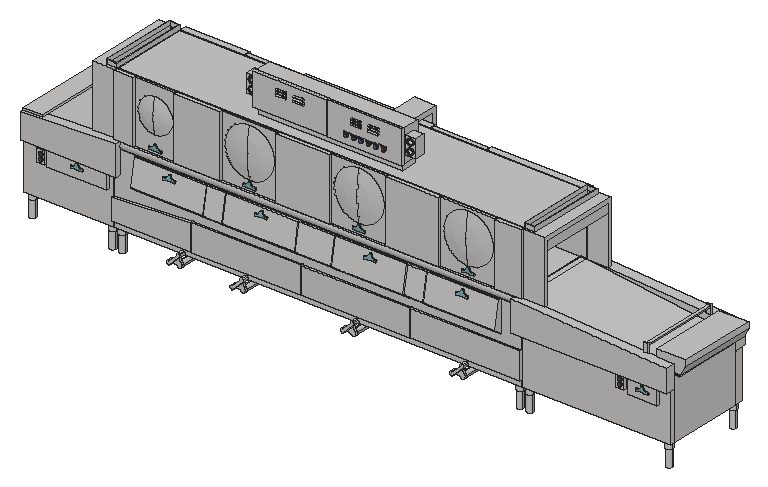
Revit family (continued)
Lines and regions (in)
  symbolic lines, visible <- "Standard Doors"
    curve 55: line (43.97138, -38.25, 65.5) -> (43.97138, -39, 65.5)
    curve 114: line (65.47138, -39, 65.5) -> (65.47138, -38.25, 65.5)
    curve 115: line (65.47138, -38.25, 65.5) -> (87.97138, -38.25, 65.5)
    curve 116: line (87.97138, -38.25, 65.5) -> (87.97138, -39, 65.5)
    curve 133: line (109.47138, -39, 65.5) -> (109.47138, -38.25, 65.5)
    curve 134: line (109.47138, -38.25, 65.5) -> (131.97138, -38.25, 65.5)
    curve 135: line (131.97138, -38.25, 65.5) -> (131.97138, -39, 65.5)
  symbolic lines, visible <- "Swing Doors"
    curve 69: line (1.65888, -39, 65.5) -> (1.65888, -40.125, 65.5)
    curve 70: line (0.90888, -39, 65.5) -> (0.90888, -40.125, 65.5)
    curve 71: arc (0.90888, -40.125, 65.5) -> (1.28388, -40.5, 65.5) -> (1.65888, -40.125, 65.5) r 0.375
    curve 72: line (31.65888, -39, 65.5) -> (31.65888, -40.125, 65.5)
    curve 73: line (30.90888, -39, 65.5) -> (30.90888, -40.125, 65.5)
    curve 74: arc (30.90888, -40.125, 65.5) -> (31.28388, -40.5, 65.5) -> (31.65888, -40.125, 65.5) r 0.375
    curve 75: line (33.78388, -39, 65.5) -> (33.78388, -40.125, 65.5)
    curve 76: line (34.53388, -39, 65.5) -> (34.53388, -40.125, 65.5)
    curve 77: arc (34.53388, -40.125, 65.5) -> (34.15888, -40.5, 65.5) -> (33.78388, -40.125, 65.5) r 0.375
    curve 81: line (32.65888, -38.25, 65.5) -> (32.65888, -39, 65.5)
    curve 82: line (32.78388, -38.25, 65.5) -> (32.78388, -39, 65.5)
    curve 83: line (32.65888, -38.25, 65.5) -> (21.47138, -38.25, 65.5)
    curve 84: line (21.47138, -39, 65.5) -> (21.47138, -38.25, 65.5)
    curve 85: line (32.78388, -38.25, 65.5) -> (43.97138, -38.25, 65.5)
    curve 86: line (43.97138, -38.25, 65.5) -> (43.97138, -39, 65.5)
    curve 117: line (74.90888, -39, 65.5) -> (74.90888, -40.125, 65.5)
    curve 118: line (75.65888, -39, 65.5) -> (75.65888, -40.125, 65.5)
    curve 119: arc (75.65888, -40.125, 65.5) -> (75.28388, -40.5, 65.5) -> (74.90888, -40.125, 65.5) r 0.375
    curve 120: line (77.78388, -39, 65.5) -> (77.78388, -40.125, 65.5)
    curve 121: line (78.53388, -39, 65.5) -> (78.53388, -40.125, 65.5)
    curve 122: arc (78.53388, -40.125, 65.5) -> (78.15888, -40.5, 65.5) -> (77.78388, -40.125, 65.5) r 0.375
    curve 123: line (65.47138, -39, 65.5) -> (65.47138, -38.25, 65.5)
    curve 124: line (65.47138, -38.25, 65.5) -> (76.65888, -38.25, 65.5)
    curve 125: line (76.65888, -38.25, 65.5) -> (76.65888, -39, 65.5)
    curve 126: line (76.78388, -39, 65.5) -> (76.78388, -38.25, 65.5)
    curve 127: line (76.78388, -38.25, 65.5) -> (87.97138, -38.25, 65.5)
    curve 128: line (87.97138, -38.25, 65.5) -> (87.97138, -39, 65.5)
    curve 136: line (118.90888, -39, 65.5) -> (118.90888, -40.125, 65.5)
    curve 137: line (119.65888, -39, 65.5) -> (119.65888, -40.125, 65.5)
    curve 138: arc (119.65888, -40.125, 65.5) -> (119.28388, -40.5, 65.5) -> (118.90888, -40.125, 65.5) r 0.375
    curve 139: line (121.78388, -39, 65.5) -> (121.78388, -40.125, 65.5)
    curve 140: line (122.53388, -39, 65.5) -> (122.53388, -40.125, 65.5)
    curve 141: arc (122.53388, -40.125, 65.5) -> (122.15888, -40.5, 65.5) -> (121.78388, -40.125, 65.5) r 0.375
    curve 142: line (109.47138, -39, 65.5) -> (109.47138, -38.25, 65.5)
    curve 143: line (109.47138, -38.25, 65.5) -> (120.65888, -38.25, 65.5)
    curve 144: line (120.65888, -38.25, 65.5) -> (120.65888, -39, 65.5)
    curve 145: line (120.78388, -39, 65.5) -> (120.78388, -38.25, 65.5)
    curve 146: line (120.78388, -38.25, 65.5) -> (131.97138, -38.25, 65.5)
    curve 147: line (131.97138, -38.25, 65.5) -> (131.97138, -39, 65.5)
  symbolic lines, style "QF_Clearances", visible <- "Swing Doors", detail levels coarse
    curve 78: line (-13.52862, -55.25, 65.5) -> (-13.52862, -39, 65.5)
    curve 79: arc (-13.52862, -55.25, 65.5) -> (-2.03814, -50.49049, 65.5) -> (2.72138, -39, 65.5) r 16.25
    curve 80: line (21.47138, -39, 65.5) -> (21.47138, -50.1875, 65.5)
    curve 87: arc (21.47138, -50.1875, 65.5) -> (29.38213, -46.91076, 65.5) -> (32.65888, -39, 65.5) r 11.1875
    curve 88: line (43.97138, -39, 65.5) -> (43.97138, -50.1875, 65.5)
    curve 89: arc (43.97138, -50.1875, 65.5) -> (36.06062, -46.91076, 65.5) -> (32.78388, -39, 65.5) r 11.1875
    curve 129: line (65.47138, -50.1875, 65.5) -> (65.47138, -39, 65.5)
    curve 130: arc (65.47138, -50.1875, 65.5) -> (73.38213, -46.91076, 65.5) -> (76.65888, -39, 65.5) r 11.1875
    curve 131: line (87.97138, -50.1875, 65.5) -> (87.97138, -39, 65.5)
    curve 132: arc (87.97138, -50.1875, 65.5) -> (80.06062, -46.91076, 65.5) -> (76.78388, -39, 65.5) r 11.1875
    curve 148: line (109.47138, -50.1875, 65.5) -> (109.47138, -39, 65.5)
    curve 149: arc (109.47138, -50.1875, 65.5) -> (117.38213, -46.91076, 65.5) -> (120.65888, -39, 65.5) r 11.1875
    curve 150: line (131.97138, -50.1875, 65.5) -> (131.97138, -39, 65.5)
    curve 151: arc (131.97138, -50.1875, 65.5) -> (124.06062, -46.91076, 65.5) -> (120.78388, -39, 65.5) r 11.1875
  symbolic lines, visible <- "Unload Removable Cover"
    curve 100: line (202.72138, -6, 65.5) -> (207.72138, -6, 65.5)
    curve 101: line (207.72138, -6, 65.5) -> (207.72138, -37.25, 65.5)
    curve 102: line (207.72138, -37.25, 65.5) -> (202.72138, -37.25, 65.5)
    curve 103: line (195.72138, -37.25, 65.5) -> (195.72138, -6, 65.5)
  symbolic lines, style "QF_Surface Details"
    curve 110: line (42.70902, -13.95855, 52.4375) -> (71.70902, -13.95855, 52.4375)
    curve 111: line (71.70902, -13.95855, 52.4375) -> (64.81537, -12.74302, 52.4375)
    curve 112: line (71.70902, -13.95855, 52.4375) -> (64.81537, -15.17409, 52.4375)
  symbolic lines, style "SpecialityEquipment"
    curve 161: line (68.72138, -26, 65.5) -> (68.72138, 0, 65.5)
    curve 162: line (68.72138, 0, 65.5) -> (77.22138, 0, 65.5)
    curve 163: line (77.22138, 0, 65.5) -> (77.22138, -26, 65.5)
Dimensions and locks (in)
  "Depth": plane 5 "FRONT" to plane 1 "BACK"
  "Power Scrapper Width": plane 3 "LEFT" to plane 6 "Right of Power Scrapper"
  "Power Wash Width": plane 6 "Right of Power Scrapper" to plane 7 "Right of Power Wash"
  locked: plane 8 "Load Vent" to plane 3 "LEFT" at 9
  locked: plane 4 "RIGHT" to plane 9 "Unload Vent" at 9
  locked: plane 10 "Top of Machine" to level at 65.5
  locked: plane 11 "Table Height" to level at 34
  locked: plane 13 "Middle of Machine" to level at 40.625
  locked: plane 3 "LEFT" to plane 14 "Left of Bottom" at 2.5
  locked: plane 15 "Right of Bottom" to plane 4 "RIGHT" at 2.5
  locked: plane 12 "Bottom of Machine" to level at 9
  locked: plane 16 to plane 17 at 0.375
  locked: plane 17 to plane 18 at 13.25
  locked: plane 13 "Middle of Machine" to plane 16 at 2.5
  locked: plane 18 to plane 19 at 2.25
  locked: plane 19 to plane 20 at 10.75
  locked: plane 21 "Back of Main Body" to plane 1 "BACK" at 3
  locked: plane 5 "FRONT" to plane 22 "Front of Main Body" at 3
  equal spacing: plane 3 "LEFT", plane 23, plane 6 "Right of Power Scrapper"
  equal spacing: plane 6 "Right of Power Scrapper", plane 24, plane 7 "Right of Power Wash"
  "Power Scrapper Door": plane 26 to plane 27
  equal spacing: plane 28, plane 24, plane 29
  "Power Wash Door": plane 28 to plane 29
  locked: plane 22 "Front of Main Body" to plane 30 "Front of Inside" at 1.75
  locked: plane 31 "Back of Inside" to plane 21 "Back of Main Body" at 3
  locked: plane 3 "LEFT" to plane 26 at 7.75
  locked: plane 32 to plane 33 at 22.5
  locked: plane 14 "Left of Bottom" to plane 34 at 6.5
  locked: plane 34 to plane 35 at 29
  locked: plane 35 to plane 36 at 8
  locked: plane 36 to plane 37 at 29
  locked: plane 35 to plane 38 at 0.25
  locked: plane 39 to plane 36 at 0.25
  locked: plane 37 to plane 40 at 0.25
  plane 43 to plane 7 "Right of Power Wash" to plane 44 = 0' - 0 1/8" locked, 0' - 0 1/8" locked
  plane 41 to plane 6 "Right of Power Scrapper" to plane 42 = 0' - 0 1/8" locked, 0' - 0 1/8" locked
  locked: plane 10 "Top of Machine" to plane 45 at 5.25
  locked: plane 46 to plane 10 "Top of Machine" at 1.75
  locked: plane 48 to plane 47 at 4
  locked: plane 47 to plane 3 "LEFT" at 0.125
  locked: plane 50 to plane 49 at 4
  locked: plane 4 "RIGHT" to plane 50 at 0.125
  "Load Section Width": plane 51 to plane 3 "LEFT"
  locked: plane 33 to Extrusion 34 sketch curve at 11.24965
  locked: plane 52 to plane 51 at 2.5
  locked: plane 53 to plane 51 at 1
  plane 51 to plane 54 = 0' - 8"
  locked: plane 13 "Middle of Machine" to plane 55 at 12.125
  locked: plane 55 to plane 56 at 0.5
  locked: plane 56 to plane 57 at 6
  locked: plane 58 to plane 59 at 24
  "ONOFF Switch": plane 51 to plane 61
  locked: plane 61 to plane 60 at 3
  locked: Extrusion 54 sketch curve to plane 61 at 1.5
  locked: Extrusion 55 sketch curve to plane 61 at 1.5
  locked: Extrusion 52 sketch curve to plane 58 at 9.50172
  locked: plane 59 to Extrusion 52 sketch curve at 9.50242
  locked: plane 59 to plane 3 "LEFT" at 2.125
  "Unload Section Width": plane 4 "RIGHT" to plane 62
  locked: plane 62 to plane 63 at 1
  locked: plane 62 to plane 64 at 2.5
  locked: plane 62 to plane 65 at 5
  locked: plane 66 to plane 65 at 12
  locked: plane 67 to plane 62 at 11
  Extrusion 64 sketch curve to plane 67 to Extrusion 64 sketch curve = 0' - 0 3/4" locked, 0' - 0 3/4" locked
  Extrusion 65 sketch curve to plane 67 to Extrusion 65 sketch curve = 0' - 0 3/4" locked, 0' - 0 3/4" locked
  locked: plane 69 to plane 68 at 12
  locked: plane 68 to plane 62 at 4.5
  locked: Extrusion 68 sketch curve to plane 69 at 3.50172
  locked: plane 68 to Extrusion 68 sketch curve at 3.50242
  locked: plane 70 to plane 69 at 1.5
  locked: plane 71 to plane 70 at 3
  locked: plane 56 to Extrusion 69 sketch curve at 5
  locked: Extrusion 70 sketch curve to plane 71 at 1.5
  locked: Extrusion 71 sketch curve to plane 71 at 1.5
  plane 22 "Front of Main Body" to plane 21 "Back of Main Body" = 3' - 0"
  locked: Extrusion 72 sketch curve to plane 21 "Back of Main Body" at 1.9375
  locked: plane 51 to Extrusion 72 sketch curve at 1.9375
  locked: plane 51 to Extrusion 73 sketch curve at 1.9375
  locked: Extrusion 73 sketch curve to plane 21 "Back of Main Body" at 1.9375
  locked: plane 51 to Extrusion 74 sketch curve at 1.9375
  locked: plane 22 "Front of Main Body" to Extrusion 74 sketch curve at 1.9375
  locked: plane 51 to Extrusion 75 sketch curve at 1.9375
  locked: plane 22 "Front of Main Body" to Extrusion 75 sketch curve at 1.9375
  locked: Extrusion 76 sketch curve to plane 3 "LEFT" at 1.9375
  locked: Extrusion 76 sketch curve to plane 21 "Back of Main Body" at 1.9375
  locked: Extrusion 77 sketch curve to plane 3 "LEFT" at 1.9375
  locked: Extrusion 77 sketch curve to plane 21 "Back of Main Body" at 1.9375
  locked: Extrusion 78 sketch curve to plane 3 "LEFT" at 1.9375
  locked: plane 22 "Front of Main Body" to Extrusion 78 sketch curve at 1.9375
  locked: Extrusion 79 sketch curve to plane 3 "LEFT" at 1.9375
  locked: plane 22 "Front of Main Body" to Extrusion 79 sketch curve at 1.9375
  locked: plane 3 "LEFT" to Extrusion 82 sketch curve at 1.9375
  locked: plane 22 "Front of Main Body" to Extrusion 82 sketch curve at 1.9375
  locked: plane 22 "Front of Main Body" to Extrusion 83 sketch curve at 1.9375
  locked: plane 3 "LEFT" to Extrusion 83 sketch curve at 1.9375
  locked: plane 3 "LEFT" to Extrusion 81 sketch curve at 1.9375
  locked: Extrusion 81 sketch curve to plane 21 "Back of Main Body" at 1.9375
  locked: plane 3 "LEFT" to Extrusion 80 sketch curve at 1.9375
  locked: Extrusion 80 sketch curve to plane 21 "Back of Main Body" at 1.9375
  locked: Extrusion 84 sketch curve to plane 4 "RIGHT" at 1.9375
  locked: Extrusion 84 sketch curve to plane 21 "Back of Main Body" at 1.9375
  locked: Extrusion 85 sketch curve to plane 4 "RIGHT" at 1.9375
  locked: Extrusion 85 sketch curve to plane 21 "Back of Main Body" at 1.9375
  locked: plane 4 "RIGHT" to Extrusion 89 sketch curve at 1.9375
  locked: Extrusion 89 sketch curve to plane 21 "Back of Main Body" at 1.9375
  locked: plane 4 "RIGHT" to Extrusion 88 sketch curve at 1.9375
  locked: Extrusion 88 sketch curve to plane 21 "Back of Main Body" at 1.9375
  locked: Extrusion 86 sketch curve to plane 4 "RIGHT" at 1.9375
  locked: plane 22 "Front of Main Body" to Extrusion 86 sketch curve at 1.9375
  locked: plane 22 "Front of Main Body" to Extrusion 87 sketch curve at 1.9375
  locked: Extrusion 87 sketch curve to plane 4 "RIGHT" at 1.9375
  locked: plane 4 "RIGHT" to Extrusion 90 sketch curve at 1.9375
  locked: plane 22 "Front of Main Body" to Extrusion 90 sketch curve at 1.9375
  locked: plane 4 "RIGHT" to Extrusion 91 sketch curve at 1.9375
  locked: plane 22 "Front of Main Body" to Extrusion 91 sketch curve at 1.9375
  locked: Extrusion 92 sketch curve to plane 62 at 1.9375
  locked: Extrusion 92 sketch curve to plane 21 "Back of Main Body" at 1.9375
  locked: Extrusion 93 sketch curve to plane 62 at 1.9375
  locked: Extrusion 93 sketch curve to plane 21 "Back of Main Body" at 1.9375
  locked: plane 22 "Front of Main Body" to Extrusion 95 sketch curve at 1.9375
  locked: Extrusion 95 sketch curve to plane 62 at 1.9375
  locked: Extrusion 94 sketch curve to plane 62 at 1.9375
  locked: plane 22 "Front of Main Body" to Extrusion 94 sketch curve at 1.9375
  locked: plane 22 "Front of Main Body" to plane 72 at 6.5
  locked: plane 72 to plane 73 at 6
  plane 3 "LEFT" to plane 74 = 4' - 5"
  locked: plane 74 to plane 75 at 58
  locked: plane 76 to plane 10 "Top of Machine" at 3
  locked: plane 77 to plane 76 at 2.875
  locked: plane 78 to plane 77 at 7.25
  locked: plane 79 to plane 76 at 13
  equal spacing: plane 74, plane 80, plane 75
  plane 81 to plane 80 to plane 82 = 0' - 0 1/8" locked, 0' - 0 1/8" locked
  locked: plane 83 to plane 74 at 1
  locked: plane 75 to plane 84 at 1
  locked: plane 84 to plane 85 at 4
  locked: plane 86 to plane 83 at 4
  locked: plane 73 to plane 87 "Back of Elec Box" at 0.5
  locked: plane 88 to plane 72 at 0.5
  locked: plane 76 to plane 90 at 0.25
  locked: plane 79 to plane 91 at 0.25
  locked: plane 83 to plane 92 at 0.25
  locked: plane 93 "Right of Control Box" to plane 84 at 0.25
  locked: plane 88 to plane 94 "Front of LR Panels" at 0.75
  locked: plane 94 "Front of LR Panels" to plane 95 at 4
  locked: plane 96 "Drain" to level at 7
  locked: plane 51 to plane 97 "Left Drain" at 17.5
  locked: plane 98 "Right Drain" to plane 62 at 7
  locked: plane 99 "Drain CL" to plane 21 "Back of Main Body" at 17.25
  locked: plane 100 "Utilities" to level at 6
  locked: plane 101 "Cold Water" to plane 3 "LEFT" at 10
  locked: plane 102 "Utility to Machine" to plane 21 "Back of Main Body" at 13.75
  locked: plane 102 "Utility to Machine" to plane 103 "Utilities Point of Connection" at 8.25
  locked: plane 4 "RIGHT" to plane 104 "Building Hot Water" at 36
  locked: Extrusion 135 sketch curve to plane 83 at 2
  locked: Extrusion 135 sketch curve to plane 10 "Top of Machine" at 13
  locked: Extrusion 138 to Extrusion 144 sketch curve at 1
  locked: Extrusion 175 to Extrusion 181 sketch curve at 1
  locked: plane 26 to plane 105 at 0.25
  locked: plane 106 to plane 27 at 0.125
  locked: plane 107 to plane 27 at 1.4375
  locked: plane 28 to plane 108 at 0.25
  locked: plane 109 to plane 24 at 0.0625
  locked: plane 24 to plane 110 at 0.0625
  locked: plane 113 to plane 24 at 1.4375
  locked: plane 24 to plane 112 at 1.4375
  locked: plane 111 to plane 29 at 0.25
  locked: plane 114 "Standard Door Clearance" to plane 10 "Top of Machine" at 28
  "Final Rinse Width": plane 7 "Right of Power Wash" to plane 25
  "Final Rinse 2 Width": plane 25 to plane 4 "RIGHT"
  equal spacing: plane 7 "Right of Power Wash", plane 116, plane 25
  equal spacing: plane 25, plane 117, plane 4 "RIGHT"
  "Power Rinse Door": plane 118 to plane 119
  locked: plane 118 to plane 120 at 0.25
  locked: plane 123 to plane 119 at 0.25
  equal spacing: plane 118, plane 116, plane 119
  locked: plane 121 to plane 116 at 0.0625
  locked: plane 116 to plane 122 at 0.0625
  locked: plane 116 to plane 124 at 1.4375
  locked: plane 125 to plane 116 at 1.4375
  locked: plane 126 to plane 25 at 0.125
  locked: plane 25 to plane 127 at 0.125
  "Power Rinse Door": plane 128 to plane 129
  locked: plane 128 to plane 130 at 0.25
  locked: plane 133 to plane 129 at 0.25
  equal spacing: plane 128, plane 117, plane 129
  locked: plane 131 to plane 117 at 0.0625
  locked: plane 117 to plane 132 at 0.0625
  locked: plane 117 to plane 134 at 1.4375
  locked: plane 135 to plane 117 at 1.4375
  locked: plane 37 to plane 136 at 14.875
  locked: plane 137 to plane 136 at 0.25
  locked: plane 136 to plane 138 at 29
  locked: plane 138 to plane 139 at 0.25
  locked: plane 138 to plane 140 at 8
  locked: plane 141 to plane 140 at 0.25
  locked: plane 140 to plane 142 at 29
  locked: plane 145 to plane 146 at 22.5
  locked: plane 146 to Extrusion 235 sketch curve at 11.24965
  locked: plane 147 to plane 104 "Building Hot Water" at 6
  locked: plane 115 to plane 147 at 6
  aligned and locked: level to plane 2
  aligned and locked: plane 12 "Bottom of Machine" to Extrusion 1 sketch curve
  aligned and locked: plane 3 "LEFT" to Extrusion 1 sketch curve
  aligned and locked: plane 14 "Left of Bottom" to Extrusion 1 sketch curve
  aligned and locked: Extrusion 1 sketch curve to plane 15 "Right of Bottom"
  aligned and locked: Extrusion 1 sketch curve to plane 4 "RIGHT"
  aligned and locked: Extrusion 1 to plane 21 "Back of Main Body"
  aligned and locked: Extrusion 1 sketch curve to plane 16
  aligned and locked: Extrusion 2 sketch curve to plane 13 "Middle of Machine"
  aligned and locked: plane 16 to Extrusion 2 sketch curve
  aligned and locked: plane 21 "Back of Main Body" to Extrusion 2 sketch curve
  aligned and locked: Extrusion 2 to plane 14 "Left of Bottom"
  aligned and locked: plane 3 "LEFT" to Extrusion 3 sketch curve
  aligned and locked: Extrusion 3 sketch curve to plane 22 "Front of Main Body"
  aligned and locked: Extrusion 3 sketch curve to plane 26
  aligned and locked: plane 30 "Front of Inside" to Extrusion 3 sketch curve
  aligned and locked: Extrusion 3 to plane 13 "Middle of Machine"
  aligned and locked: plane 30 "Front of Inside" to Extrusion 4 sketch curve
  aligned and locked: Extrusion 4 sketch curve to plane 28
  aligned and locked: plane 27 to Extrusion 4 sketch curve
  aligned and locked: Extrusion 4 sketch curve to plane 22 "Front of Main Body"
  aligned and locked: Extrusion 4 to plane 13 "Middle of Machine"
  aligned and locked: plane 30 "Front of Inside" to Extrusion 5 sketch curve
  aligned and locked: Extrusion 5 sketch curve to plane 22 "Front of Main Body"
  aligned and locked: plane 29 to Extrusion 5 sketch curve
  aligned and locked: Extrusion 6 sketch curve to plane 4 "RIGHT"
  aligned and locked: plane 30 "Front of Inside" to Extrusion 6 sketch curve
  aligned and locked: Extrusion 6 sketch curve to plane 22 "Front of Main Body"
  aligned and locked: Extrusion 5 to plane 13 "Middle of Machine"
  aligned and locked: Extrusion 6 to plane 13 "Middle of Machine"
  aligned and locked: plane 3 "LEFT" to Extrusion 7 sketch curve
  aligned and locked: Extrusion 7 sketch curve to plane 32
  aligned and locked: plane 21 "Back of Main Body" to Extrusion 7 sketch curve
  aligned and locked: Extrusion 7 sketch curve to plane 31 "Back of Inside"
  aligned and locked: Extrusion 8 sketch curve to plane 4 "RIGHT"
  aligned and locked: plane 21 "Back of Main Body" to Extrusion 8 sketch curve
  aligned and locked: Extrusion 8 sketch curve to plane 31 "Back of Inside"
  aligned and locked: Extrusion 7 to plane 13 "Middle of Machine"
  aligned and locked: Extrusion 8 to plane 13 "Middle of Machine"
  aligned and locked: plane 30 "Front of Inside" to Extrusion 9 sketch curve
  aligned and locked: Extrusion 9 sketch curve to plane 27
  aligned and locked: plane 26 to Extrusion 9 sketch curve
  aligned and locked: plane 30 "Front of Inside" to Extrusion 10 sketch curve
  aligned and locked: plane 28 to Extrusion 10 sketch curve
  aligned and locked: Extrusion 10 sketch curve to plane 29
  aligned and locked: Extrusion 9 to plane 13 "Middle of Machine"
  aligned and locked: Extrusion 10 to plane 13 "Middle of Machine"
  aligned and locked: plane 32 to Extrusion 11 sketch curve
  aligned and locked: Extrusion 11 sketch curve to plane 33
  aligned and locked: Extrusion 11 sketch curve to plane 31 "Back of Inside"
  aligned and locked: Extrusion 11 to plane 13 "Middle of Machine"
  aligned and locked: plane 35 to Extrusion 16
  aligned and locked: Extrusion 16 to plane 34
  aligned and locked: Extrusion 17 to plane 38
  aligned and locked: plane 39 to Extrusion 17
  aligned and locked: Extrusion 18 to plane 36
  aligned and locked: plane 37 to Extrusion 18
  aligned and locked: Extrusion 19 to plane 40
  aligned and locked: plane 3 "LEFT" to Extrusion 21 sketch curve
  aligned and locked: plane 20 to Extrusion 21 sketch curve
  aligned and locked: Extrusion 21 sketch curve to plane 41
  aligned and locked: Extrusion 22 sketch curve to plane 43
  aligned and locked: Extrusion 22 sketch curve to plane 19
  aligned and locked: plane 42 to Extrusion 22 sketch curve
  aligned and locked: plane 20 to Extrusion 22 sketch curve
  aligned and locked: Extrusion 23 sketch curve to plane 19
  aligned and locked: plane 20 to Extrusion 23 sketch curve
  aligned and locked: plane 44 to Extrusion 23 sketch curve
  aligned and locked: plane 31 "Back of Inside" to Extrusion 24 sketch curve
  aligned and locked: plane 3 "LEFT" to Extrusion 24 sketch curve
  aligned and locked: Extrusion 24 sketch curve to plane 30 "Front of Inside"
  aligned and locked: Extrusion 24 sketch curve to plane 4 "RIGHT"
  aligned and locked: Extrusion 24 to plane 45
  aligned and locked: plane 13 "Middle of Machine" to Extrusion 25 sketch curve  (x2)
  aligned and locked: Extrusion 25 sketch curve to plane 10 "Top of Machine"
  aligned and locked: Extrusion 25 to plane 8 "Load Vent"
  aligned and locked: plane 48 to Extrusion 26 sketch curve
  aligned and locked: Extrusion 26 sketch curve to plane 47
  aligned and locked: plane 46 to Extrusion 26
  aligned and locked: Extrusion 27 sketch curve to Extrusion 25
  aligned and locked: Extrusion 27 sketch curve to plane 45
  aligned and locked: Extrusion 28 sketch curve to Extrusion 26
  aligned and locked: Extrusion 26 to Extrusion 28 sketch curve
  aligned and locked: Extrusion 29 to Extrusion 31 sketch curve
  aligned and locked: plane 9 "Unload Vent" to Extrusion 29
  aligned and locked: plane 49 to Extrusion 30 sketch curve
  aligned and locked: Extrusion 30 sketch curve to plane 50
  aligned and locked: plane 46 to Extrusion 30
  aligned and locked: plane 45 to Extrusion 31 sketch curve
  aligned and locked: Extrusion 30 to Extrusion 32 sketch curve
  aligned and locked: Extrusion 32 sketch curve to Extrusion 30
  aligned and locked: plane 15 "Right of Bottom" to Extrusion 2
  aligned and locked: plane 51 to Extrusion 42 sketch curve
  aligned and locked: Extrusion 42 sketch curve to plane 14 "Left of Bottom"
  aligned and locked: plane 51 to Extrusion 43 sketch curve
  aligned and locked: Extrusion 43 sketch curve to plane 14 "Left of Bottom"
  aligned and locked: Extrusion 44 sketch curve to plane 52
  aligned and locked: plane 11 "Table Height" to Extrusion 44 sketch curve
  aligned and locked: plane 51 to Extrusion 44 sketch curve
  aligned and locked: plane 30 "Front of Inside" to Extrusion 44
  aligned and locked: Extrusion 45 sketch curve to plane 53
  aligned and locked: plane 51 to Extrusion 45 sketch curve
  aligned and locked: Extrusion 46 sketch curve to plane 53
  aligned and locked: plane 51 to Extrusion 46 sketch curve
  aligned and locked: plane 51 to Extrusion 47 sketch curve
  aligned and locked: Extrusion 47 sketch curve to plane 14 "Left of Bottom"
  aligned and locked: Extrusion 47 sketch curve to plane 13 "Middle of Machine"
  aligned and locked: Extrusion 47 sketch curve to plane 12 "Bottom of Machine"
  aligned and locked: plane 3 "LEFT" to Extrusion 47 sketch curve
  aligned and locked: plane 51 to Extrusion 48 sketch curve
  aligned and locked: plane 54 to Extrusion 48 sketch curve
  aligned and locked: plane 51 to Extrusion 49 sketch curve
  aligned and locked: plane 12 "Bottom of Machine" to Extrusion 49 sketch curve
  aligned and locked: Extrusion 49 sketch curve to plane 3 "LEFT"
  aligned and locked: plane 22 "Front of Main Body" to Extrusion 49
  aligned and locked: plane 30 "Front of Inside" to Extrusion 47
  aligned and locked: plane 51 to Extrusion 50 sketch curve
  aligned and locked: plane 12 "Bottom of Machine" to Extrusion 50 sketch curve
  aligned and locked: Extrusion 50 sketch curve to plane 3 "LEFT"
  aligned and locked: Extrusion 50 to plane 21 "Back of Main Body"
  aligned and locked: plane 55 to Extrusion 42 sketch curve
  aligned and locked: plane 55 to Extrusion 43 sketch curve
  aligned and locked: Extrusion 49 sketch curve to plane 55
  aligned and locked: Extrusion 50 sketch curve to plane 55
  aligned and locked: Extrusion 51 to plane 22 "Front of Main Body"
  aligned and locked: plane 61 to Extrusion 53 sketch curve
  aligned and locked: Extrusion 53 sketch curve to plane 60
  aligned and locked: Extrusion 51 to plane 58
  aligned and locked: plane 59 to Extrusion 51
  aligned and locked: plane 13 "Middle of Machine" to Extrusion 60 sketch curve
  aligned and locked: Extrusion 60 sketch curve to plane 15 "Right of Bottom"
  aligned and locked: Extrusion 60 sketch curve to plane 55
  aligned and locked: plane 4 "RIGHT" to Extrusion 60 sketch curve
  aligned and locked: plane 12 "Bottom of Machine" to Extrusion 60 sketch curve
  aligned and locked: plane 62 to Extrusion 60 sketch curve
  aligned and locked: plane 62 to Extrusion 59 sketch curve
  aligned and locked: Extrusion 59 sketch curve to plane 63
  aligned and locked: Extrusion 58 sketch curve to plane 64
  aligned and locked: plane 62 to Extrusion 58 sketch curve
  aligned and locked: Extrusion 58 sketch curve to plane 11 "Table Height"
  aligned and locked: Extrusion 56 sketch curve to plane 15 "Right of Bottom"
  aligned and locked: Extrusion 56 sketch curve to plane 55
  aligned and locked: plane 62 to Extrusion 56 sketch curve
  aligned and locked: Extrusion 57 sketch curve to plane 15 "Right of Bottom"
  aligned and locked: Extrusion 57 sketch curve to plane 55
  aligned and locked: plane 62 to Extrusion 57 sketch curve
  aligned and locked: Extrusion 61 sketch curve to plane 4 "RIGHT"
  aligned and locked: plane 55 to Extrusion 61 sketch curve
  aligned and locked: Extrusion 61 sketch curve to plane 12 "Bottom of Machine"
  aligned and locked: plane 62 to Extrusion 61 sketch curve
  aligned and locked: Extrusion 62 sketch curve to plane 4 "RIGHT"
  aligned and locked: plane 55 to Extrusion 62 sketch curve
  aligned and locked: plane 62 to Extrusion 62 sketch curve
  aligned and locked: Extrusion 62 sketch curve to plane 12 "Bottom of Machine"
  aligned and locked: plane 13 "Middle of Machine" to Extrusion 63 sketch curve
  aligned and locked: Extrusion 63 sketch curve to plane 66
  aligned and locked: Extrusion 63 sketch curve to plane 65
  aligned and locked: plane 30 "Front of Inside" to Extrusion 63
  aligned and locked: plane 30 "Front of Inside" to Extrusion 66
  aligned and locked: Extrusion 67 sketch curve to plane 56
  aligned and locked: plane 57 to Extrusion 67 sketch curve
  aligned and locked: plane 69 to Extrusion 67 sketch curve
  aligned and locked: Extrusion 67 sketch curve to plane 68
  aligned and locked: plane 71 to Extrusion 69 sketch curve
  aligned and locked: Extrusion 69 sketch curve to plane 70
  aligned and locked: Extrusion 69 sketch curve to plane 56
  aligned and locked: Extrusion 73 to Extrusion 72
  aligned and locked: plane 12 "Bottom of Machine" to Extrusion 73
  aligned and locked: Extrusion 75 to Extrusion 74
  aligned and locked: Extrusion 77 to Extrusion 76
  aligned and locked: Extrusion 79 to Extrusion 78
  aligned and locked: Extrusion 80 to Extrusion 81
  aligned and locked: Extrusion 82 to Extrusion 83
  aligned and locked: Extrusion 85 to Extrusion 84
  aligned and locked: Extrusion 87 to Extrusion 86
  aligned and locked: Extrusion 88 to Extrusion 89
  aligned and locked: Extrusion 90 to Extrusion 91
  aligned and locked: Extrusion 93 to Extrusion 92
  aligned and locked: Extrusion 95 to Extrusion 94
  aligned and locked: plane 73 to Extrusion 96 sketch curve
  aligned and locked: Extrusion 96 sketch curve to plane 72
  aligned and locked: Extrusion 96 sketch curve to plane 75
  aligned and locked: plane 74 to Extrusion 96 sketch curve
  aligned and locked: plane 87 "Back of Elec Box" to Extrusion 97 sketch curve
  aligned and locked: Extrusion 97 sketch curve to plane 88
  aligned and locked: plane 92 to Extrusion 97 sketch curve
  aligned and locked: Extrusion 97 sketch curve to plane 93 "Right of Control Box"
  aligned and locked: Extrusion 97 to plane 76
  aligned and locked: plane 91 to Extrusion 97
  aligned and locked: plane 83 to Extrusion 98 sketch curve
  aligned and locked: Extrusion 98 sketch curve to plane 89 "Front of Panel"
  aligned and locked: Extrusion 98 sketch curve to plane 81
  aligned and locked: plane 82 to Extrusion 99 sketch curve
  aligned and locked: Extrusion 99 sketch curve to plane 89 "Front of Panel"
  aligned and locked: plane 88 to Extrusion 99 sketch curve
  aligned and locked: Extrusion 99 sketch curve to plane 84
  aligned and locked: Extrusion 99 to plane 90
  aligned and locked: Extrusion 98 to plane 90
  aligned and locked: plane 79 to Extrusion 98
  aligned and locked: plane 79 to Extrusion 99
  aligned and locked: plane 95 to Extrusion 100 sketch curve
  aligned and locked: Extrusion 100 sketch curve to plane 92
  aligned and locked: Extrusion 100 sketch curve to plane 94 "Front of LR Panels"
  aligned and locked: plane 86 to Extrusion 100 sketch curve
  aligned and locked: plane 93 "Right of Control Box" to Extrusion 101 sketch curve
  aligned and locked: Extrusion 101 sketch curve to plane 94 "Front of LR Panels"
  aligned and locked: Extrusion 101 sketch curve to plane 85
  aligned and locked: plane 95 to Extrusion 101 sketch curve
  aligned and locked: plane 78 to Extrusion 100
  aligned and locked: plane 78 to Extrusion 101
  aligned and locked: Extrusion 100 to plane 77
  aligned and locked: Extrusion 101 to plane 77
  aligned and locked: Extrusion 103 sketch curve to Extrusion 102  (x2)
  aligned and locked: Extrusion 111 sketch curve to Extrusion 110  (x2)
  aligned and locked: Extrusion 113 sketch curve to Extrusion 112  (x2)
  aligned and locked: Extrusion 115 sketch curve to Extrusion 114  (x2)
  aligned and locked: Extrusion 130 to plane 97 "Left Drain"
  aligned and locked: plane 98 "Right Drain" to Extrusion 130
  aligned and locked: Extrusion 131 sketch curve to Extrusion 130  (x2)
  aligned and locked: Extrusion 132 sketch curve to Extrusion 130  (x2)
  aligned and locked: plane 50 to nested 1
  aligned and locked: plane 31 "Back of Inside" to nested 1
  aligned and locked: Extrusion 146 sketch curve to Extrusion 145  (x2)
  aligned and locked: Extrusion 154 sketch curve to Extrusion 153  (x2)
  aligned and locked: Extrusion 156 sketch curve to Extrusion 155  (x2)
  aligned and locked: Extrusion 158 sketch curve to Extrusion 157  (x2)
  aligned and locked: plane 105 to Extrusion 182 sketch curve
  aligned and locked: Extrusion 182 sketch curve to plane 106
  aligned and locked: Extrusion 182 sketch curve to plane 22 "Front of Main Body"
  aligned and locked: plane 108 to Extrusion 183 sketch curve
  aligned and locked: Extrusion 183 sketch curve to plane 109
  aligned and locked: Extrusion 183 sketch curve to plane 22 "Front of Main Body"
  aligned and locked: plane 110 to Extrusion 184 sketch curve
  aligned and locked: Extrusion 184 sketch curve to plane 111
  aligned and locked: Extrusion 184 sketch curve to plane 22 "Front of Main Body"
  aligned and locked: Extrusion 182 to plane 13 "Middle of Machine"
  aligned and locked: Extrusion 183 to plane 13 "Middle of Machine"
  aligned and locked: Extrusion 184 to plane 13 "Middle of Machine"
  aligned and locked: plane 26 to curve 78
  aligned and locked: curve 80 to plane 28
  aligned and locked: curve 88 to plane 29
  aligned and locked: plane 26 to Extrusion 194 sketch curve
  aligned and locked: Extrusion 194 sketch curve to plane 27
  aligned and locked: Extrusion 194 sketch curve to plane 22 "Front of Main Body"
  aligned and locked: plane 28 to Extrusion 195 sketch curve
  aligned and locked: Extrusion 195 sketch curve to plane 29
  aligned and locked: Extrusion 195 sketch curve to plane 22 "Front of Main Body"
  aligned and locked: plane 118 to Extrusion 197 sketch curve
  aligned and locked: Extrusion 197 sketch curve to plane 119
  aligned and locked: plane 120 to Extrusion 200 sketch curve
  aligned and locked: Extrusion 200 sketch curve to plane 121
  aligned and locked: plane 122 to Extrusion 201 sketch curve
  aligned and locked: Extrusion 201 sketch curve to plane 123
  aligned and locked: plane 118 to curve 129
  aligned and locked: plane 119 to curve 131
  aligned and locked: plane 118 to Extrusion 208 sketch curve
  aligned and locked: Extrusion 208 sketch curve to plane 119
  aligned and locked: Extrusion 5 sketch curve to plane 118
  aligned and locked: Extrusion 23 sketch curve to plane 126
  aligned and locked: plane 127 to Extrusion 209 sketch curve
  aligned and locked: Extrusion 209 sketch curve to plane 4 "RIGHT"
  aligned and locked: plane 128 to Extrusion 210 sketch curve
  aligned and locked: Extrusion 210 sketch curve to plane 129
  aligned and locked: plane 130 to Extrusion 213 sketch curve
  aligned and locked: Extrusion 213 sketch curve to plane 131
  aligned and locked: plane 132 to Extrusion 214 sketch curve
  aligned and locked: Extrusion 214 sketch curve to plane 133
  aligned and locked: plane 128 to curve 148
  aligned and locked: plane 129 to curve 150
  aligned and locked: plane 128 to Extrusion 221 sketch curve
  aligned and locked: Extrusion 221 sketch curve to plane 129
  aligned and locked: plane 129 to Extrusion 6 sketch curve
  aligned and locked: plane 119 to Extrusion 222 sketch curve
  aligned and locked: Extrusion 222 sketch curve to plane 128
  aligned and locked: plane 138 to Extrusion 20
  aligned and locked: Extrusion 20 to plane 136
  aligned and locked: plane 137 to Extrusion 19
  aligned and locked: Extrusion 223 to plane 139
  aligned and locked: plane 141 to Extrusion 223
  aligned and locked: Extrusion 224 to plane 140
  aligned and locked: plane 142 to Extrusion 224
  aligned and locked: plane 136 to curve 37
  aligned and locked: curve 38 to plane 137
  aligned and locked: curve 35 to plane 138
  aligned and locked: curve 155 to plane 142
  aligned and locked: plane 145 to Extrusion 233 sketch curve
  aligned and locked: Extrusion 233 sketch curve to plane 146
Automatic sketch dimensions
  Extrusion 16 sketch curve to Extrusion 16 sketch curve = 0' - 1"
  Extrusion 17 sketch curve to Extrusion 17 sketch curve = 0' - 1"
  Extrusion 18 sketch curve to Extrusion 18 sketch curve = 0' - 1"
  Extrusion 19 sketch curve to Extrusion 19 sketch curve = 0' - 1"
  Extrusion 20 sketch curve to Extrusion 20 sketch curve = 0' - 1"
  Extrusion 16 sketch curve to Extrusion 16 sketch curve = 0' - 2"
  Extrusion 16 sketch curve to Extrusion 16 sketch curve = 0' - 2 5/16"
  Extrusion 16 sketch curve to Extrusion 16 sketch curve = 0' - 10 1/4"
  Extrusion 17 sketch curve to Extrusion 17 sketch curve = 0' - 2"
  Extrusion 17 sketch curve to Extrusion 17 sketch curve = 0' - 2 5/16"
  Extrusion 17 sketch curve to Extrusion 17 sketch curve = 0' - 10 1/4"
  Extrusion 18 sketch curve to Extrusion 18 sketch curve = 0' - 2"
  Extrusion 18 sketch curve to Extrusion 18 sketch curve = 0' - 2 5/16"
  Extrusion 18 sketch curve to Extrusion 18 sketch curve = 0' - 10 1/4"
  Extrusion 19 sketch curve to Extrusion 19 sketch curve = 0' - 2"
  Extrusion 19 sketch curve to Extrusion 19 sketch curve = 0' - 2 5/16"
  Extrusion 19 sketch curve to Extrusion 19 sketch curve = 0' - 10 1/4"
  Extrusion 20 sketch curve to Extrusion 20 sketch curve = 0' - 2"
  Extrusion 20 sketch curve to Extrusion 20 sketch curve = 0' - 2 5/16"
  Extrusion 20 sketch curve to Extrusion 20 sketch curve = 0' - 10 1/4"
  Extrusion 36 sketch curve to Extrusion 36 sketch curve = 0' - 1"
  Extrusion 37 sketch curve to Extrusion 37 sketch curve = 0' - 1"
  Extrusion 38 sketch curve to Extrusion 38 sketch curve = 0' - 1"
  Extrusion 39 sketch curve to Extrusion 39 sketch curve = 0' - 1"
  Extrusion 40 sketch curve to Extrusion 40 sketch curve = 0' - 1"
  Extrusion 36 sketch curve to Extrusion 36 sketch curve = 0' - 2"
  Extrusion 36 sketch curve to Extrusion 36 sketch curve = 0' - 2 5/16"
  Extrusion 36 sketch curve to Extrusion 36 sketch curve = 0' - 10 1/4"
  Extrusion 37 sketch curve to Extrusion 37 sketch curve = 0' - 2"
  Extrusion 37 sketch curve to Extrusion 37 sketch curve = 0' - 2 5/16"
  Extrusion 37 sketch curve to Extrusion 37 sketch curve = 0' - 10 1/4"
  Extrusion 38 sketch curve to Extrusion 38 sketch curve = 0' - 2"
  Extrusion 38 sketch curve to Extrusion 38 sketch curve = 0' - 2 5/16"
  Extrusion 38 sketch curve to Extrusion 38 sketch curve = 0' - 10 1/4"
  Extrusion 39 sketch curve to Extrusion 39 sketch curve = 0' - 2"
  Extrusion 39 sketch curve to Extrusion 39 sketch curve = 0' - 2 5/16"
  Extrusion 39 sketch curve to Extrusion 39 sketch curve = 0' - 10 1/4"
  Extrusion 40 sketch curve to Extrusion 40 sketch curve = 0' - 2"
  Extrusion 40 sketch curve to Extrusion 40 sketch curve = 0' - 2 5/16"
  Extrusion 40 sketch curve to Extrusion 40 sketch curve = 0' - 10 1/4"
  Extrusion 102 sketch curve to Extrusion 102 sketch curve = 0' - 0"  (x4)
  Extrusion 104 sketch curve to Extrusion 104 sketch curve = 0' - 1"  (x5)
  Extrusion 104 sketch curve to Extrusion 104 sketch curve = 0' - 2"  (x6)
  Extrusion 104 sketch curve to Extrusion 104 sketch curve = 0' - 0"  (x5)
  Extrusion 104 sketch curve to Extrusion 104 sketch curve = 0' - 0 1/4"  (x6)
  Extrusion 109 sketch curve to Extrusion 109 sketch curve = 0' - 1 1/2"  (x5)
  Extrusion 109 sketch curve to Extrusion 109 sketch curve = 0' - 0 3/4"  (x6)
  Extrusion 109 sketch curve to Extrusion 109 sketch curve = 0' - 0 7/8"  (x6)
  Extrusion 110 sketch curve to Extrusion 110 sketch curve = 0' - 0"  (x4)
  Extrusion 112 sketch curve to Extrusion 112 sketch curve = 0' - 0"  (x4)
  Extrusion 114 sketch curve to Extrusion 114 sketch curve = 0' - 0"  (x4)
  Extrusion 118 sketch curve to Extrusion 118 sketch curve = 0' - 0 5/8"
  Extrusion 119 sketch curve to Extrusion 119 sketch curve = 0' - 0 5/8"
  Extrusion 120 sketch curve to Extrusion 120 sketch curve = 0' - 0 5/8"
  Extrusion 121 sketch curve to Extrusion 121 sketch curve = 0' - 0 5/8"
  Extrusion 122 sketch curve to Extrusion 122 sketch curve = 0' - 0 5/8"
  Extrusion 123 sketch curve to Extrusion 123 sketch curve = 0' - 0 5/8"
  Extrusion 124 sketch curve to Extrusion 124 sketch curve = 0' - 0 5/8"
  Extrusion 125 sketch curve to Extrusion 125 sketch curve = 0' - 0 5/8"
  Extrusion 126 sketch curve to Extrusion 126 sketch curve = 0' - 0 5/8"
  Extrusion 127 sketch curve to Extrusion 127 sketch curve = 0' - 0 5/8"
  Extrusion 128 sketch curve to Extrusion 128 sketch curve = 0' - 0 5/8"
  Extrusion 129 sketch curve to Extrusion 129 sketch curve = 0' - 0 5/8"
  Extrusion 136 sketch curve to Extrusion 136 sketch curve = 0' - 0"  (x4)
  Extrusion 137 sketch curve to Extrusion 137 sketch curve = 0' - 0"  (x4)
  Extrusion 138 sketch curve to Extrusion 138 sketch curve = 0' - 1 5/8"  (x2)
  Extrusion 138 sketch curve to Extrusion 138 sketch curve = 0' - 1 1/8"
  Extrusion 139 sketch curve to Extrusion 139 sketch curve = 0' - 0 1/2"  (x7)
  Extrusion 139 sketch curve to Extrusion 139 sketch curve = 0' - 0 1/4"  (x4)
  Extrusion 139 sketch curve to Extrusion 139 sketch curve = 0' - 4 1/2"
  Extrusion 140 sketch curve to Extrusion 140 sketch curve = 0' - 1 5/8"  (x2)
  Extrusion 140 sketch curve to Extrusion 140 sketch curve = 0' - 1 1/8"
  Extrusion 141 sketch curve to Extrusion 141 sketch curve = 0' - 0"  (x4)
  Extrusion 142 sketch curve to Extrusion 142 sketch curve = 0' - 0 1/2"  (x7)
  Extrusion 142 sketch curve to Extrusion 142 sketch curve = 0' - 0 1/4"  (x4)
  Extrusion 142 sketch curve to Extrusion 142 sketch curve = 0' - 4 1/2"
  Extrusion 143 sketch curve to Extrusion 143 sketch curve = 0' - 1 5/8"  (x2)
  Extrusion 143 sketch curve to Extrusion 143 sketch curve = 0' - 1 1/8"
  Extrusion 144 sketch curve to Extrusion 144 sketch curve = 0' - 0 1/2"  (x9)
  Extrusion 144 sketch curve to Extrusion 144 sketch curve = 0' - 0 1/4"  (x2)
  Extrusion 144 sketch curve to Extrusion 144 sketch curve = 0' - 4 1/2"
  Extrusion 109 sketch curve to Extrusion 109 sketch curve = 0' - 0"  (x5)
  Extrusion 118 sketch curve to Extrusion 118 sketch curve = 0' - 2 3/4"
  Extrusion 119 sketch curve to Extrusion 119 sketch curve = 0' - 2 3/4"
  Extrusion 120 sketch curve to Extrusion 120 sketch curve = 0' - 2 3/4"
  Extrusion 121 sketch curve to Extrusion 121 sketch curve = 0' - 2 3/4"
  Extrusion 122 sketch curve to Extrusion 122 sketch curve = 0' - 2 3/4"
  Extrusion 123 sketch curve to Extrusion 123 sketch curve = 0' - 2 3/4"
  Extrusion 124 sketch curve to Extrusion 124 sketch curve = 0' - 2 3/4"
  Extrusion 125 sketch curve to Extrusion 125 sketch curve = 0' - 2 3/4"
  Extrusion 126 sketch curve to Extrusion 126 sketch curve = 0' - 2 3/4"
  Extrusion 127 sketch curve to Extrusion 127 sketch curve = 0' - 2 3/4"
  Extrusion 128 sketch curve to Extrusion 128 sketch curve = 0' - 2 3/4"
  Extrusion 129 sketch curve to Extrusion 129 sketch curve = 0' - 2 3/4"
  Extrusion 145 sketch curve to Extrusion 145 sketch curve = 0' - 0"  (x4)
  Extrusion 147 sketch curve to Extrusion 147 sketch curve = 0' - 1"  (x5)
  Extrusion 147 sketch curve to Extrusion 147 sketch curve = 0' - 2"  (x6)
  Extrusion 147 sketch curve to Extrusion 147 sketch curve = 0' - 0"  (x5)
  Extrusion 147 sketch curve to Extrusion 147 sketch curve = 0' - 0 1/4"  (x6)
  Extrusion 152 sketch curve to Extrusion 152 sketch curve = 0' - 1 1/2"  (x5)
  Extrusion 152 sketch curve to Extrusion 152 sketch curve = 0' - 0 3/4"  (x6)
  Extrusion 152 sketch curve to Extrusion 152 sketch curve = 0' - 0 7/8"  (x6)
  Extrusion 153 sketch curve to Extrusion 153 sketch curve = 0' - 0"  (x4)
  Extrusion 155 sketch curve to Extrusion 155 sketch curve = 0' - 0"  (x4)
  Extrusion 157 sketch curve to Extrusion 157 sketch curve = 0' - 0"  (x4)
  Extrusion 161 sketch curve to Extrusion 161 sketch curve = 0' - 0 5/8"
  Extrusion 162 sketch curve to Extrusion 162 sketch curve = 0' - 0 5/8"
  Extrusion 163 sketch curve to Extrusion 163 sketch curve = 0' - 0 5/8"
  Extrusion 164 sketch curve to Extrusion 164 sketch curve = 0' - 0 5/8"
  Extrusion 165 sketch curve to Extrusion 165 sketch curve = 0' - 0 5/8"
  Extrusion 166 sketch curve to Extrusion 166 sketch curve = 0' - 0 5/8"
  Extrusion 167 sketch curve to Extrusion 167 sketch curve = 0' - 0 5/8"
  Extrusion 168 sketch curve to Extrusion 168 sketch curve = 0' - 0 5/8"
  Extrusion 169 sketch curve to Extrusion 169 sketch curve = 0' - 0 5/8"
  Extrusion 170 sketch curve to Extrusion 170 sketch curve = 0' - 0 5/8"
  Extrusion 171 sketch curve to Extrusion 171 sketch curve = 0' - 0 5/8"
  Extrusion 172 sketch curve to Extrusion 172 sketch curve = 0' - 0 5/8"
  Extrusion 152 sketch curve to Extrusion 152 sketch curve = 0' - 0"  (x5)
  Extrusion 161 sketch curve to Extrusion 161 sketch curve = 0' - 2 3/4"
  Extrusion 162 sketch curve to Extrusion 162 sketch curve = 0' - 2 3/4"
  Extrusion 163 sketch curve to Extrusion 163 sketch curve = 0' - 2 3/4"
  Extrusion 164 sketch curve to Extrusion 164 sketch curve = 0' - 2 3/4"
  Extrusion 165 sketch curve to Extrusion 165 sketch curve = 0' - 2 3/4"
  Extrusion 166 sketch curve to Extrusion 166 sketch curve = 0' - 2 3/4"
  Extrusion 167 sketch curve to Extrusion 167 sketch curve = 0' - 2 3/4"
  Extrusion 168 sketch curve to Extrusion 168 sketch curve = 0' - 2 3/4"
  Extrusion 169 sketch curve to Extrusion 169 sketch curve = 0' - 2 3/4"
  Extrusion 170 sketch curve to Extrusion 170 sketch curve = 0' - 2 3/4"
  Extrusion 171 sketch curve to Extrusion 171 sketch curve = 0' - 2 3/4"
  Extrusion 172 sketch curve to Extrusion 172 sketch curve = 0' - 2 3/4"
  Extrusion 138 sketch curve to Extrusion 138 sketch curve = 0' - 0.12054"
  Extrusion 140 sketch curve to Extrusion 140 sketch curve = 0' - 0.12054"
  Extrusion 143 sketch curve to Extrusion 143 sketch curve = 0' - 0.12054"
  Extrusion 173 sketch curve to Extrusion 173 sketch curve = 0' - 0"  (x4)
  Extrusion 174 sketch curve to Extrusion 174 sketch curve = 0' - 0"  (x4)
  Extrusion 175 sketch curve to Extrusion 175 sketch curve = 0' - 1 5/8"  (x2)
  Extrusion 175 sketch curve to Extrusion 175 sketch curve = 0' - 1 1/8"
  Extrusion 176 sketch curve to Extrusion 176 sketch curve = 0' - 0 1/2"  (x7)
  Extrusion 176 sketch curve to Extrusion 176 sketch curve = 0' - 0 1/4"  (x4)
  Extrusion 176 sketch curve to Extrusion 176 sketch curve = 0' - 4 1/2"
  Extrusion 177 sketch curve to Extrusion 177 sketch curve = 0' - 1 5/8"  (x2)
  Extrusion 177 sketch curve to Extrusion 177 sketch curve = 0' - 1 1/8"
  Extrusion 178 sketch curve to Extrusion 178 sketch curve = 0' - 0"  (x4)
  Extrusion 179 sketch curve to Extrusion 179 sketch curve = 0' - 0 1/2"  (x7)
  Extrusion 179 sketch curve to Extrusion 179 sketch curve = 0' - 0 1/4"  (x4)
  Extrusion 179 sketch curve to Extrusion 179 sketch curve = 0' - 4 1/2"
  Extrusion 180 sketch curve to Extrusion 180 sketch curve = 0' - 1 5/8"  (x2)
  Extrusion 180 sketch curve to Extrusion 180 sketch curve = 0' - 1 1/8"
  Extrusion 181 sketch curve to Extrusion 181 sketch curve = 0' - 0 1/2"  (x9)
  Extrusion 181 sketch curve to Extrusion 181 sketch curve = 0' - 0 1/4"  (x2)
  Extrusion 181 sketch curve to Extrusion 181 sketch curve = 0' - 4 1/2"
  Extrusion 175 sketch curve to Extrusion 175 sketch curve = 0' - 0.12054"
  Extrusion 177 sketch curve to Extrusion 177 sketch curve = 0' - 0.12054"
  Extrusion 180 sketch curve to Extrusion 180 sketch curve = 0' - 0.12054"
  Extrusion 223 sketch curve to Extrusion 223 sketch curve = 0' - 2"
  Extrusion 223 sketch curve to Extrusion 223 sketch curve = 0' - 3"
  Extrusion 223 sketch curve to Extrusion 223 sketch curve = 0' - 2 5/16"
  Extrusion 223 sketch curve to Extrusion 223 sketch curve = 0' - 10 1/4"
  Extrusion 224 sketch curve to Extrusion 224 sketch curve = 0' - 2"
  Extrusion 224 sketch curve to Extrusion 224 sketch curve = 0' - 3"
  Extrusion 224 sketch curve to Extrusion 224 sketch curve = 0' - 2 5/16"
  Extrusion 224 sketch curve to Extrusion 224 sketch curve = 0' - 10 1/4"
  Extrusion 35 sketch curve to Extrusion 35 sketch curve = 0' - 0.25142"  (x4)
  Extrusion 35 sketch curve to Extrusion 35 sketch curve = 0' - 0.25483"  (x8)
  Extrusion 35 sketch curve to Extrusion 35 sketch curve = 0' - 0.30345"  (x4)
  Extrusion 35 sketch curve to Extrusion 35 sketch curve = 0' - 1.63184"  (x8)
  Extrusion 35 sketch curve to Extrusion 35 sketch curve = 0' - 1.52338"  (x4)
  Extrusion 35 sketch curve to Extrusion 35 sketch curve = 0' - 0.41934"  (x4)
  Extrusion 35 sketch curve to Extrusion 35 sketch curve = 0' - 0.61126"  (x4)
  Extrusion 35 sketch curve to Extrusion 35 sketch curve = 0' - 0.42496"  (x4)
  Extrusion 35 sketch curve to Extrusion 35 sketch curve = 0' - 0"  (x11)
  Extrusion 35 sketch curve to Extrusion 35 sketch curve = 0' - 1.22253"  (x4)
  Extrusion 35 sketch curve to Extrusion 35 sketch curve = 0' - 1.51845"  (x4)
  Extrusion 35 sketch curve to Extrusion 35 sketch curve = 0' - 0.00341"  (x4)
  Extrusion 35 sketch curve to Extrusion 35 sketch curve = 2' - 8.00414"  (x2)
  Extrusion 35 sketch curve to Extrusion 35 sketch curve = 3' - 2.88995"
  Extrusion 35 sketch curve to Extrusion 35 sketch curve = 0' - 11.90119"  (x4)
  Extrusion 35 sketch curve to Extrusion 35 sketch curve = 0' - 0.08323"  (x4)
  Extrusion 35 sketch curve to Extrusion 35 sketch curve = 0' - 0.48493"  (x8)
  Extrusion 35 sketch curve to Extrusion 35 sketch curve = 0' - 1.96861"  (x4)
  Extrusion 41 sketch curve to Extrusion 41 sketch curve = 0' - 0.25142"  (x4)
  Extrusion 41 sketch curve to Extrusion 41 sketch curve = 0' - 0.25483"  (x8)
  Extrusion 41 sketch curve to Extrusion 41 sketch curve = 0' - 0.30345"  (x4)
  Extrusion 41 sketch curve to Extrusion 41 sketch curve = 0' - 1.63184"  (x8)
  Extrusion 41 sketch curve to Extrusion 41 sketch curve = 0' - 1.52338"  (x4)
  Extrusion 41 sketch curve to Extrusion 41 sketch curve = 0' - 0.41934"  (x4)
  Extrusion 41 sketch curve to Extrusion 41 sketch curve = 0' - 0.61126"  (x4)
  Extrusion 41 sketch curve to Extrusion 41 sketch curve = 0' - 0.42496"  (x4)
  Extrusion 41 sketch curve to Extrusion 41 sketch curve = 0' - 0"  (x11)
  Extrusion 41 sketch curve to Extrusion 41 sketch curve = 0' - 1.22253"  (x4)
  Extrusion 41 sketch curve to Extrusion 41 sketch curve = 0' - 1.51845"  (x4)
  Extrusion 41 sketch curve to Extrusion 41 sketch curve = 0' - 0.00341"  (x4)
  Extrusion 41 sketch curve to Extrusion 41 sketch curve = 2' - 8.00414"  (x2)
  Extrusion 41 sketch curve to Extrusion 41 sketch curve = 3' - 2.88995"
  Extrusion 41 sketch curve to Extrusion 41 sketch curve = 0' - 11.90119"  (x4)
  Extrusion 41 sketch curve to Extrusion 41 sketch curve = 0' - 0.08323"  (x4)
  Extrusion 41 sketch curve to Extrusion 41 sketch curve = 0' - 0.48493"  (x8)
  Extrusion 41 sketch curve to Extrusion 41 sketch curve = 0' - 1.96861"  (x4)
  Extrusion 227 sketch curve to Extrusion 227 sketch curve = 0' - 0"  (x2)
  Extrusion 228 sketch curve to Extrusion 228 sketch curve = 0' - 0 1/2"  (x9)
  Extrusion 228 sketch curve to Extrusion 228 sketch curve = 0' - 0 1/4"  (x2)
  Extrusion 228 sketch curve to Extrusion 228 sketch curve = 0' - 4 1/2"
  Extrusion 229 sketch curve to Extrusion 229 sketch curve = 0' - 1 5/8"  (x2)
  Extrusion 229 sketch curve to Extrusion 229 sketch curve = 0' - 1 1/8"
  Extrusion 229 sketch curve to Extrusion 229 sketch curve = 0' - 0.12054"
  Extrusion 1 sketch curve to plane 55 = 0' - 0"  (x2)
  Extrusion 2 sketch curve to plane 22 "Front of Main Body" = 0' - 0"  (x2)
  plane 30 "Front of Inside" to Extrusion 2 sketch curve = 0' - 0.18875"
  Extrusion 8 sketch curve to plane 143 = 0' - 0"
  Extrusion 9 sketch curve to plane 22 "Front of Main Body" = 0' - 0 3/4"
  Extrusion 10 sketch curve to plane 22 "Front of Main Body" = 0' - 0 3/4"
  plane 21 "Back of Main Body" to Extrusion 11 sketch curve = 0' - 1"
  plane 5 "FRONT" to Revolve 12 sketch curve = 0' - 8"
  plane 22 "Front of Main Body" to Revolve 12 sketch curve = 0' - 0 1/4"
  Revolve 12 sketch curve to plane 22 "Front of Main Body" = 0' - 0 3/4"
  plane 95 to Revolve 12 sketch curve = 0' - 1 1/4"
  Revolve 12 sketch curve to plane 1 "BACK" = 0' - 8.74935"
  Revolve 12 sketch curve to plane 45 = 0' - 5.75174"  (x2)
  Revolve 12 sketch curve to plane 45 = 0' - 5.50167"
  Extrusion 13 sketch curve to plane 23 = 0' - 0"
  plane 23 to Extrusion 13 sketch curve = 0' - 0.00035"
  plane 23 to Extrusion 13 sketch curve = 0' - 0.41969"
  plane 23 to Extrusion 13 sketch curve = 0' - 0.61126"
  Extrusion 13 sketch curve to Extrusion 13 sketch curve = 0' - 1.52338"
  plane 13 "Middle of Machine" to Extrusion 13 sketch curve = 0' - 0.94635"  (x2)
  Extrusion 13 sketch curve to Extrusion 13 sketch curve = 0' - 1.63184"  (x2)
  Extrusion 13 sketch curve to Extrusion 13 sketch curve = 0' - 0.00341"  (x2)
  Extrusion 13 sketch curve to Extrusion 13 sketch curve = 0' - 0.25142"  (x2)
  Extrusion 13 sketch curve to plane 23 = 0' - 0.42461"
  Extrusion 13 sketch curve to Extrusion 13 sketch curve = 0' - 0"
  Extrusion 13 sketch curve to plane 23 = 0' - 0.61126"
  Extrusion 13 sketch curve to Extrusion 13 sketch curve = 0' - 1.51845"
  plane 55 to Extrusion 13 sketch curve = 0' - 1.17016"
  plane 13 "Middle of Machine" to Extrusion 13 sketch curve = 0' - 1.02958"
  Extrusion 13 sketch curve to Extrusion 13 sketch curve = 0' - 0.48493"  (x2)
  Extrusion 13 sketch curve to Extrusion 13 sketch curve = 0' - 1.96861"
  plane 5 "FRONT" to Revolve 14 sketch curve = 0' - 8"
  plane 22 "Front of Main Body" to Revolve 14 sketch curve = 0' - 0 1/4"
  Revolve 14 sketch curve to plane 22 "Front of Main Body" = 0' - 0 3/4"
  plane 95 to Revolve 14 sketch curve = 0' - 1 1/4"
  Revolve 14 sketch curve to plane 102 "Utility to Machine" = 0' - 3.49961"
  Revolve 14 sketch curve to plane 45 = 0' - 5.96392"
  Revolve 14 sketch curve to plane 45 = 0' - 5.82112"  (x2)
  Revolve 15 sketch curve to plane 21 "Back of Main Body" = 0' - 0"
  Revolve 15 sketch curve to plane 1 "BACK" = 0' - 7 3/4"
  Revolve 15 sketch curve to Revolve 15 sketch curve = 0' - 1"
  Revolve 15 sketch curve to plane 102 "Utility to Machine" = 0' - 4"
  plane 5 "FRONT" to Revolve 15 sketch curve = 0' - 8.99935"
  Revolve 15 sketch curve to plane 10 "Top of Machine" = 0' - 1.00174"
  Revolve 15 sketch curve to Revolve 15 sketch curve = 0' - 9.74993"
  Revolve 15 sketch curve to plane 45 = 0' - 5.75174"
  Extrusion 21 sketch curve to plane 19 = 0' - 0"
  Extrusion 21 sketch curve to plane 57 = 0' - 1 5/8"
  Extrusion 25 sketch curve to plane 30 "Front of Inside" = 0' - 0"
  Extrusion 25 sketch curve to plane 31 "Back of Inside" = 0' - 0"
  Extrusion 25 sketch curve to plane 22 "Front of Main Body" = 0' - 0 3/4"
  Extrusion 25 sketch curve to Extrusion 25 sketch curve = 0' - 1"
  Extrusion 25 sketch curve to plane 10 "Top of Machine" = 0' - 1 3/8"
  Extrusion 26 sketch curve to plane 3 "LEFT" = 0' - 0"
  plane 30 "Front of Inside" to Extrusion 26 sketch curve = 0' - 0"
  plane 31 "Back of Inside" to Extrusion 26 sketch curve = 0' - 0"
  plane 30 "Front of Inside" to Extrusion 26 sketch curve = 0' - 0 1/8"
  Extrusion 26 sketch curve to plane 31 "Back of Inside" = 0' - 0 1/8"
  Extrusion 26 sketch curve to plane 48 = 0' - 0 1/8"
  Extrusion 27 sketch curve to plane 30 "Front of Inside" = 0' - 0"
  Extrusion 27 sketch curve to plane 31 "Back of Inside" = 0' - 0"
  plane 30 "Front of Inside" to Extrusion 28 sketch curve = 0' - 0"
  plane 31 "Back of Inside" to Extrusion 28 sketch curve = 0' - 0"
  Extrusion 29 sketch curve to plane 13 "Middle of Machine" = 0' - 0"  (x2)
  Extrusion 29 sketch curve to plane 10 "Top of Machine" = 0' - 0"
  Extrusion 29 sketch curve to plane 30 "Front of Inside" = 0' - 0"
  Extrusion 29 sketch curve to plane 31 "Back of Inside" = 0' - 0"
  Extrusion 29 sketch curve to plane 22 "Front of Main Body" = 0' - 0 3/4"
  Extrusion 29 sketch curve to plane 31 "Back of Inside" = 0' - 1"
  Extrusion 29 sketch curve to plane 10 "Top of Machine" = 0' - 1 3/8"
  Extrusion 30 sketch curve to plane 4 "RIGHT" = 0' - 0"
  plane 30 "Front of Inside" to Extrusion 30 sketch curve = 0' - 0"
  plane 31 "Back of Inside" to Extrusion 30 sketch curve = 0' - 0"
  Extrusion 30 sketch curve to plane 30 "Front of Inside" = 0' - 0 1/8"
  plane 31 "Back of Inside" to Extrusion 30 sketch curve = 0' - 0 1/8"
  Extrusion 30 sketch curve to plane 49 = 0' - 0 1/8"
  Extrusion 31 sketch curve to plane 30 "Front of Inside" = 0' - 0"
  Extrusion 31 sketch curve to plane 31 "Back of Inside" = 0' - 0"
  plane 30 "Front of Inside" to Extrusion 32 sketch curve = 0' - 0"
  plane 31 "Back of Inside" to Extrusion 32 sketch curve = 0' - 0"
  Extrusion 33 sketch curve to plane 24 = 0' - 0"
  plane 24 to Extrusion 33 sketch curve = 0' - 0.00035"
  plane 110 to Extrusion 33 sketch curve = 0' - 0.35719"
  plane 110 to Extrusion 33 sketch curve = 0' - 0.54876"
  plane 112 to Extrusion 33 sketch curve = 0' - 0.50556"
  plane 112 to Extrusion 33 sketch curve = 0' - 0.8056"
  Extrusion 33 sketch curve to Extrusion 33 sketch curve = 0' - 0.00341"
  Extrusion 33 sketch curve to Extrusion 33 sketch curve = 0' - 0.25142"  (x2)
  Extrusion 33 sketch curve to plane 109 = 0' - 0.36211"
  Extrusion 33 sketch curve to Extrusion 33 sketch curve = 0' - 0"
  plane 74 to Extrusion 33 sketch curve = 0' - 0.38874"
  plane 83 to Extrusion 33 sketch curve = 0' - 0.05694"
  Extrusion 33 sketch curve to plane 83 = 0' - 0.2431"
  Extrusion 33 sketch curve to plane 83 = 0' - 0.24651"
  plane 55 to Extrusion 33 sketch curve = 0' - 1.17016"
  plane 13 "Middle of Machine" to Extrusion 33 sketch curve = 0' - 0.94635"  (x2)
  plane 13 "Middle of Machine" to Extrusion 33 sketch curve = 0' - 1.02958"
  Extrusion 33 sketch curve to Extrusion 33 sketch curve = 0' - 0.48493"  (x2)
  Extrusion 33 sketch curve to Extrusion 33 sketch curve = 0' - 1.96861"
  Extrusion 34 sketch curve to Extrusion 34 sketch curve = 0' - 0.41934"
  Extrusion 34 sketch curve to plane 35 = 0' - 0.38874"
  plane 38 to Extrusion 34 sketch curve = 0' - 0.69306"
  plane 38 to Extrusion 34 sketch curve = 0' - 0.9931"
  Extrusion 34 sketch curve to Extrusion 34 sketch curve = 0' - 0.00341"  (x2)
  Extrusion 34 sketch curve to Extrusion 34 sketch curve = 0' - 0.25142"  (x2)
  Extrusion 34 sketch curve to plane 35 = 0' - 1"
  Extrusion 34 sketch curve to Extrusion 34 sketch curve = 0' - 0.42496"
  Extrusion 34 sketch curve to Extrusion 34 sketch curve = 0' - 0"
  Extrusion 34 sketch curve to Extrusion 34 sketch curve = 0' - 1.22253"
  Extrusion 34 sketch curve to Extrusion 34 sketch curve = 0' - 1.51845"
  Extrusion 34 sketch curve to Extrusion 34 sketch curve = 0' - 1.63184"
  plane 13 "Middle of Machine" to Extrusion 34 sketch curve = 0' - 3.47041"  (x2)
  Extrusion 34 sketch curve to Extrusion 34 sketch curve = 0' - 0.34808"
  Extrusion 34 sketch curve to Extrusion 34 sketch curve = 0' - 0.48493"  (x2)
  plane 13 "Middle of Machine" to Extrusion 34 sketch curve = 0' - 1.02958"
  plane 55 to Extrusion 34 sketch curve = 0' - 1.17016"
  Extrusion 42 sketch curve to plane 13 "Middle of Machine" = 0' - 0"
